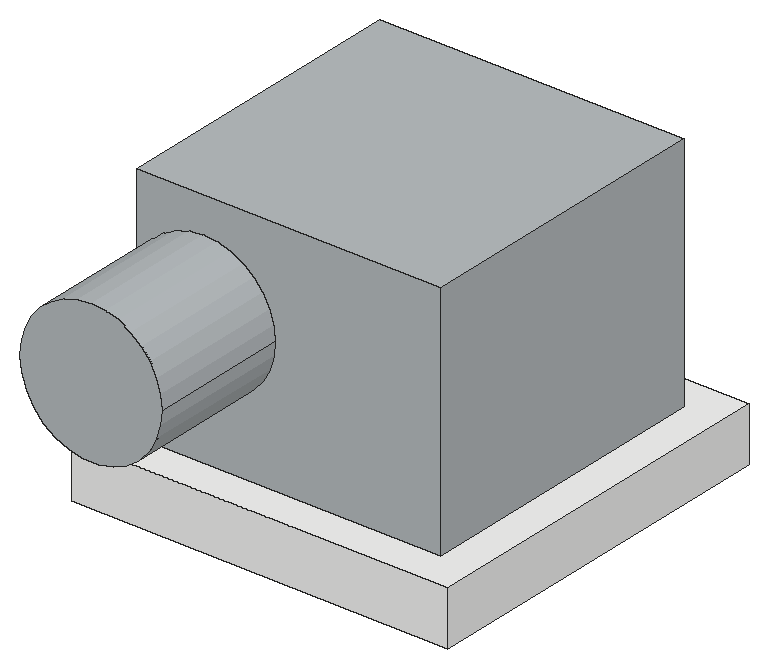
Revit family "vd-15_20zx(p)14-fp_50Hz", category 機械設備, Revit 2019
Family settings
  丸型コネクタ寸法 = 直径を使用
  パーツ タイプ = 標準
  OmniClass 番号 = 23.75.35.17.27
  OmniClass タイトル = Centrifugal Fans
  作業面ベース = いいえ
  常に垂直 = はい
  ロード時にボイドで切り取り = いいえ
  共有 = いいえ
  部屋計算ポイント = はい
Parameters (values of type "VD-20ZXP14-FP")
  騒音レベル(dB(A)) [instance] = 41.5
  風量 [instance] = 500.0 m³/h
  電源種別 [instance] = ""
  電圧 = 100 V
  電動機出力 = 0 W
  電動機_種別 [instance] = ""
  運転質量 = 0.00 kg
  連動 [instance] = ""
  質量 = if(製品質量 > 運転質量, 製品質量, 運転質量) * 1.2  # 7.08 kg
  負荷分類 = 3_ファン類
  説明 = "ダクト用換気扇 低騒音形 フラットインテリアタイプ"
  設計風量 [instance] = 0.0 m³/h
  設置方法 = "天埋"
  記号 [instance] = ""
  製造元 = "三菱電機株式会社"
  製品質量 = 5.90 kg
  製品出荷対象 = "国内"
  製品リリース年月 = "2024年6月3日"
  製品グループ = ""
  系統 [instance] = ""
  符号 [instance] = if(☑給気／□排気, "FS", "FE")  # "FE"
  積算_科目 = "2 換気設備"
  積算_拾い区分 [instance] = ""
  相 = 1
  盤記号 [instance] = ""
  発停方法 [instance] = ""
  特殊仕様 [instance] = ""
  火災停止 [instance] = ""
  消費電力 = 54 W
  法定耐用年数 = "15"
  機外静圧 [instance] = 0.0 Pa
  極数 = 2
  材質 [instance] = ""
  操作・制御方式 = ""
  操作・制御スイッチ = ""
  排気量 [instance] = if(☑給気／□排気, 0.0 m³/h, 設計風量)  # 0.0 m³/h
  形式 = "天井埋込ダクト形"
  幹線記号 [instance] = ""
  対象室 [instance] = ""
  実風量 [instance] = 0.0 m³/h
  始動方式 [instance] = "直入"
  外気量 [instance] = if(☑給気／□排気, 設計風量, 0.0 m³/h)  # 0.0 m³/h
  呼称 = "天井扇"
  周波数 = 50 Hz
  参照している仕様書等のバージョン = ""
  分類コード = "50052503100030"
  分類グループ = ""
  価格 = 66000
  企業コード = "108420"
  付属品_防振装置 = ""
  付属品 [instance] = ""
  仕様書バージョン = "Version1.0"
  モデル = "VD-20ZXP14-FP"
  マテリアル = 鋼板
  ファンの種類 = ""
  ダクト径 = 150 mm
  コメント [instance] = ""
  Keynote = ""
  カバーマテリアル = 合成樹脂(白)
  ☑給気／□排気 [instance] = no
  Width = 307 mm
  W1 = 380 mm
  Version = ""
  Uniclass2015Version = "Systems v1.9"
  Uniclass2015Title = "Centrifugal fans"
  Uniclass2015Code = "Pr_65_67_29_12"
  URL = "https://www.mitsubishielectric.co.jp/ldg/wink/qr/002/333536/"
  SpecificationReference = ""
  SpecificationDescription = ""
  Revision = ""
  ProductInformation = ""
  OmniClassCode = "23-33 31 19 11 15"
  MIN風量 = 400.0 m³/h
  MIN静圧 = 0.0 Pa
  MID風量 = 0.0 m³/h
  MID静圧 = 0.0 Pa
  MAX風量 = 500.0 m³/h
  MAX静圧 = 0.0 Pa
  IfcTypeProduct = ""
  IfcProduct = ""
  IfcExportType = "PROPELLORAXIAL"
  IfcExportAs = "IfcFanType"
  Height = 243 mm
  H1 = 55 mm
  EAサイズ_D = 144 mm
  Duct_Height = 135 mm
  Duct_Depth = 142 mm
  Duct_Center = 86 mm
  Depth = 307 mm
  D1 = 380 mm
  Author = "三菱電機株式会社"
Types (6, lengths in mm): name | 騒音レベル(dB(A)) | 風量 | 質量 | 製品質量 | 消費電力 | 価格 | モデル | ダクト径 | Width | W1 | URL | MIN風量 | MAX風量 | Height | H1 | EAサイズ_D | Duct_Height | Duct_Depth | Duct_Center | Depth | D1
  VD-15ZX14-FP | 26.5 | 160.0 m³/h | 4.56 kg | 3.80 kg | 13.5 W | 33100 | "VD-15ZX14-FP" | 100 | 251 | 330 | "https://www.mitsubishielectric.co.jp/ldg/wink/qr/002/333636/" | 0.0 m³/h | 160.0 m³/h | 204 | 46 | 98 | 111 | 114 | 0 | 251 | 330
  VD-15ZXP14-FP | 33 | 210.0 m³/h | 4.56 kg | 3.80 kg | 20 W | 38900 | "VD-15ZXP14-FP" | 100 | 251 | 330 | "https://www.mitsubishielectric.co.jp/ldg/wink/qr/002/333638/" | 0.0 m³/h | 210.0 m³/h | 204 | 46 | 98 | 111 | 114 | 0 | 251 | 330
  VD-18ZX14-FP | 30 | 300.0 m³/h | 5.88 kg | 4.90 kg | 25.5 W | 47700 | "VD-18ZX14-FP" | 150 | 270 | 330 | "https://www.mitsubishielectric.co.jp/ldg/wink/qr/002/333665/" | 0.0 m³/h | 300.0 m³/h | 243 | 46 | 144 | 135 | 142 | 67 | 270 | 330
  VD-18ZXP14-FP | 33 | 350.0 m³/h | 6.72 kg | 5.60 kg | 33 W | 51500 | "VD-18ZXP14-FP" | 150 | 307 | 380 | "https://www.mitsubishielectric.co.jp/ldg/wink/qr/002/333508/" | 0.0 m³/h | 350.0 m³/h | 243 | 55 | 144 | 135 | 142 | 86 | 307 | 380
  VD-20ZX14-FP | 35.5 | 400.0 m³/h | 6.72 kg | 5.60 kg | 42 W | 58100 | "VD-20ZX14-FP" | 150 | 307 | 380 | "https://www.mitsubishielectric.co.jp/ldg/wink/qr/002/333533/" | 0.0 m³/h | 400.0 m³/h | 243 | 55 | 144 | 135 | 142 | 86 | 307 | 380
  VD-20ZXP14-FP | 41.5 | 500.0 m³/h | 7.08 kg | 5.90 kg | 54 W | 66000 | "VD-20ZXP14-FP" | 150 | 307 | 380 | "https://www.mitsubishielectric.co.jp/ldg/wink/qr/002/333536/" | 400.0 m³/h | 500.0 m³/h | 243 | 55 | 144 | 135 | 142 | 86 | 307 | 380
Reference planes
  plane 1 "中心(正面/背面)": y = 0
  plane 2: z = 0
  plane 3 "中心(左/右)": x = 0
  plane 4: x = -190
  plane 5: x = 190
  plane 6: y = 190
  plane 7: y = -190
  plane 8: x = -153.5
  plane 9: x = 153.5
  plane 10: y = 153.5
  plane 11: y = -153.5
  plane 12: y = -295.5
  plane 13: z = 243
  plane 14: z = -55
  plane 15: z = 135
  plane 16: x = -86
Forms (mm)
  Extrusion 1, solid, material "鋼板" <- "マテリアル", detail levels fine
    sketch origin (0, 0, 0) x (1, 0, 0) y (0, 1, 0)
      loop
        line (-153.5, 153.5) -> (-153.5, -153.5) -> (153.5, -153.5) -> (153.5, 153.5) -> (-153.5, 153.5)
    from 0 to 243
  Extrusion 2, solid, material "合成樹脂(白)" <- "カバーマテリアル", detail levels fine
    sketch origin (0, 0, 0) x (1, 0, 0) y (0, 1, 0)
      loop
        line (-190, 190) -> (-190, -190) -> (190, -190) -> (190, 190) -> (-190, 190)
    from 0 to -55
  Extrusion 3, solid, material "鋼板" <- "マテリアル", detail levels fine
    sketch origin (0, 0, 0) x (1, 0, 0) y (0, 0, 1)
      loop
        circle (-86, 135) r 72
    from 153.5 to 295.5
Dimensions and locks
  equal spacing: plane 4, plane 3 "中心(左/右)", plane 5
  "W1": plane 4 to plane 5
  equal spacing: plane 6, plane 1 "中心(正面/背面)", plane 7
  "D1": plane 6 to plane 7
  equal spacing: plane 8, plane 3 "中心(左/右)", plane 9
  "Width": plane 8 to plane 9
  equal spacing: plane 10, plane 1 "中心(正面/背面)", plane 11
  "Depth": plane 10 to plane 11
  "Duct_Depth": plane 11 to plane 12
  "Height": plane 13 to plane 2
  "Duct_Height": plane 15 to plane 2
  "H1": plane 2 to plane 14
  "Duct_Center": plane 3 "中心(左/右)" to plane 16
  "EAサイズ_D": diameter of Extrusion 3 sketch curve
  aligned and locked: level to plane 2
  aligned and locked: plane 5 to Extrusion 2
  aligned and locked: plane 6 to Extrusion 2
  aligned and locked: Extrusion 2 to plane 4
  aligned and locked: Extrusion 2 to plane 7
  aligned and locked: plane 9 to Extrusion 1
  aligned and locked: Extrusion 1 to plane 11
  aligned and locked: Extrusion 1 to plane 8
  aligned and locked: plane 10 to Extrusion 1
  aligned and locked: plane 13 to Extrusion 1
  aligned and locked: Extrusion 2 to plane 14
  aligned and locked: level to Extrusion 2
  aligned and locked: Extrusion 1 to level
  aligned and locked: Extrusion 3 to plane 12
  aligned and locked: plane 11 to Extrusion 3
Automatic sketch dimensions
  Extrusion 1 sketch curve to plane 3 "中心(左/右)" = 153.5 mm
  plane 3 "中心(左/右)" to Extrusion 1 sketch curve = 153.5 mm
  Extrusion 2 sketch curve to plane 3 "中心(左/右)" = 190 mm
  plane 3 "中心(左/右)" to Extrusion 2 sketch curve = 190 mm
  plane 1 "中心(正面/背面)" to Extrusion 1 sketch curve = 153.5 mm
  Extrusion 1 sketch curve to plane 1 "中心(正面/背面)" = 153.5 mm
  plane 1 "中心(正面/背面)" to Extrusion 2 sketch curve = 190 mm
  Extrusion 2 sketch curve to plane 1 "中心(正面/背面)" = 190 mm
  Extrusion 3 sketch curve to plane 15 = 0 mm
  Extrusion 3 sketch curve to plane 16 = 0 mm
Nested families
  nested 1: "記号_天井換気扇_平面" at (0, 0, 0), type "記号_天井換気扇_平面", detail levels coarse+medium
Connectors
  hvac at (-86, -295.5, 135), driven by "ダクト径", driven by "風量", driven by "機外静圧"
    settings: on Extrusion 3, index 1, duct flow 500.0 m³/h, flow factor 0, pres drop 0.0 Pa, loss coef 0, conn angle 0.00°, conn width 304.8 mm, conn height 304.8 mm, conn diameter 150 mm, duct sys type 3, conn prof type 0, flow config 0, flow direction 2, loss method 4, conn ref index -1, conn util no, is conn primary yes, conn desc ""
  electrical at (0, 0, 243), driven by "極数", driven by "負荷分類", driven by "電圧", driven by "消費電力"
    settings: on Extrusion 1, index 2, voltage 100 V, apparent load 54 VA, apparent load phase1 0 VA, apparent load phase2 0 VA, apparent load phase3 0 VA, power factor 1, load classification "3_ファン類", number of poles 2, system type 30, power factor state 1, is connector primary yes, connector utility no, sub classification motor no, connector description ""
Definition of nested family "記号_天井換気扇_平面"
  Reference planes
    plane 1: y = 0
    plane 2: x = 0
  Lines and regions (mm)
    detail lines
      curve 1: line (-2.5, 2.5, 0) -> (2.5, 2.5, 0)
      curve 2: line (-2.5, -2.5, 0) -> (-2.5, 2.5, 0)
      curve 3: line (2.5, -2.5, 0) -> (-2.5, -2.5, 0)
      curve 4: line (2.5, 2.5, 0) -> (2.5, -2.5, 0)
      curve 5: circle (-1.04, -1.04, 0) r 1.46 normal (0, 0, 1)
      curve 6: circle (1.04, 1.04, 0) r 1.46 normal (0, 0, 1)
      curve 7: line (-3.125, 3.125, 0) -> (3.125, 3.125, 0)
      curve 8: line (-3.125, -3.125, 0) -> (-3.125, 3.125, 0)
      curve 9: line (3.125, -3.125, 0) -> (-3.125, -3.125, 0)
      curve 10: line (3.125, 3.125, 0) -> (3.125, -3.125, 0)
      curve 11: circle (1.295, 1.295, 0) r 1.83 normal (0, 0, 1)
      curve 12: circle (-1.295, -1.295, 0) r 1.83 normal (0, 0, 1)
      curve 13: line (-2, 2, 0) -> (2, 2, 0)
      curve 14: line (-2, -2, 0) -> (-2, 2, 0)
      curve 15: line (2, -2, 0) -> (-2, -2, 0)
      curve 16: line (2, 2, 0) -> (2, -2, 0)
      curve 17: circle (0.84, 0.84, 0) r 1.16 normal (0, 0, 1)
      curve 18: circle (-0.84, -0.84, 0) r 1.2 normal (0, 0, 1)
